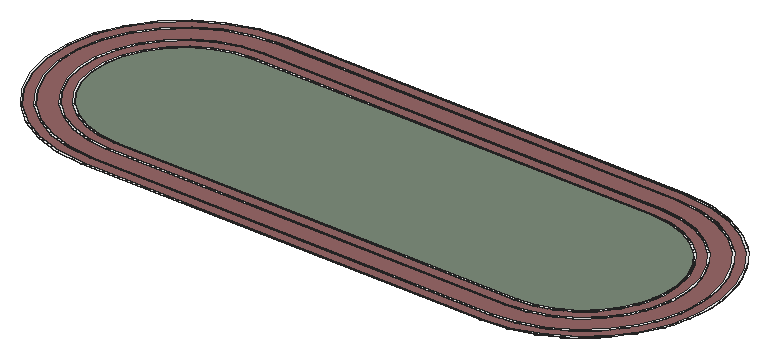
Revit family
Parameters (values of type "36000 x 84000 mm")
  Width = 36000 mm
  Track Width = 9000 mm
  Track Finish = Track
  Radius = 0 mm
  Markings Finish = Paint
  Length = 84000 mm
  Ground Finish = Ground
Reference planes
  plane 1 "Center (Front/Back)": y = 0
  plane 2: z = 0
  plane 3 "Center (Left/Right)": x = 0
  plane 4: y = 18000
  plane 5: y = -18000
  plane 6: x = -42000
  plane 7: x = 42000
  plane 8: y = 27000
  plane 9: y = -27000
Forms (mm)
  Extrusion 1, solid, material "Track" <- "Track Finish"
    sketch origin (0, 0, 0) x (1, 0, 0) y (0, 1, 0)
      loop
        arc (-42000, 18000) -> (-60000, 0) -> (-42000, -18000) r 18000
        line (-42000, -18000) -> (42000, -18000)
        arc (42000, -18000) -> (60000, 0) -> (42000, 18000) r 18000
        line (42000, 18000) -> (-42000, 18000)
      loop
        line (-42000, -27000) -> (42000, -27000)
        arc (42000, -27000) -> (69000, 0) -> (42000, 27000) r 27000
        line (42000, 27000) -> (-42000, 27000)
        arc (-42000, 27000) -> (-69000, 0) -> (-42000, -27000) r 27000
    from 0 to 4
  Extrusion 2, solid, material "Ground" <- "Ground Finish"
    sketch origin (0, 0, 0) x (1, 0, 0) y (0, 1, 0)
      loop
        line (-42000, -18000) -> (42000, -18000)
        arc (42000, -18000) -> (60000, 0) -> (42000, 18000) r 18000
        line (42000, 18000) -> (-42000, 18000)
        arc (-42000, 18000) -> (-60000, 0) -> (-42000, -18000) r 18000
    from 0 to 2
  Extrusion 3, solid, material "Paint" <- "Markings Finish"
    sketch origin (0, 0, 0) x (1, 0, 0) y (0, 1, 0)
      loop
        arc (-42000, 27000) -> (-69000, 0) -> (-42000, -27000) r 27000
        line (-42000, -27000) -> (42000, -27000)
        arc (42000, -27000) -> (69000, 0) -> (42000, 27000) r 27000
        line (42000, 27000) -> (-42000, 27000)
      loop
        arc (-42000, 26700) -> (-68700, 0) -> (-42000, -26700) r 26700
        line (-42000, -26700) -> (42000, -26700)
        arc (42000, -26700) -> (68700, 0) -> (42000, 26700) r 26700
        line (42000, 26700) -> (-42000, 26700)
      loop
        line (-42000, -18000) -> (42000, -18000)
        arc (42000, -18000) -> (60000, 0) -> (42000, 18000) r 18000
        line (42000, 18000) -> (-42000, 18000)
        arc (-42000, 18000) -> (-60000, 0) -> (-42000, -18000) r 18000
      loop
        line (-42000, -18300) -> (42000, -18300)
        arc (42000, -18300) -> (60300, 0) -> (42000, 18300) r 18300
        line (42000, 18300) -> (-42000, 18300)
        arc (-42000, 18300) -> (-60300, 0) -> (-42000, -18300) r 18300
      loop
        arc (-42000, 24700) -> (-66700, 0) -> (-42000, -24700) r 24700
        line (-42000, -24700) -> (42000, -24700)
        arc (42000, -24700) -> (66700, 0) -> (42000, 24700) r 24700
        line (42000, 24700) -> (-42000, 24700)
      loop
        arc (-42000, 24400) -> (-66400, 0) -> (-42000, -24400) r 24400
        line (-42000, -24400) -> (42000, -24400)
        arc (42000, -24400) -> (66400, 0) -> (42000, 24400) r 24400
        line (42000, 24400) -> (-42000, 24400)
      loop
        line (-42000, -20300) -> (42000, -20300)
        arc (42000, -20300) -> (62300, 0) -> (42000, 20300) r 20300
        line (42000, 20300) -> (-42000, 20300)
        arc (-42000, 20300) -> (-62300, 0) -> (-42000, -20300) r 20300
      loop
        line (-42000, -20600) -> (42000, -20600)
        arc (42000, -20600) -> (62600, 0) -> (42000, 20600) r 20600
        line (42000, 20600) -> (-42000, 20600)
        arc (-42000, 20600) -> (-62600, 0) -> (-42000, -20600) r 20600
    from 4 to 6
Lines and regions (mm)
  symbolic lines
    curve 1: arc (-42000, 27000, 0) -> (-69000, 0, 0) -> (-42000, -27000, 0) r 27000
    curve 2: arc (-42000, -18000, 0) -> (-60000, 0, 0) -> (-42000, 18000, 0) r 18000
    curve 3: line (-42000, 18000, 0) -> (42000, 18000, 0)
    curve 4: line (42000, 27000, 0) -> (-42000, 27000, 0)
    curve 5: arc (42000, 18000, 0) -> (60000, 0, 0) -> (42000, -18000, 0) r 18000
    curve 6: arc (42000, -27000, 0) -> (69000, 0, 0) -> (42000, 27000, 0) r 27000
    curve 7: line (42000, -18000, 0) -> (-42000, -18000, 0)
    curve 8: line (-42000, -27000, 0) -> (42000, -27000, 0)
Dimensions and locks
  equal spacing: plane 6, plane 3 "Center (Left/Right)", plane 7
  "Length": plane 6 to plane 7
  "Track Width": plane 4 to plane 8
  "Track Width": plane 9 to plane 5
  equal spacing: plane 5, plane 1 "Center (Front/Back)", plane 4
  "Width": plane 5 to plane 4
  aligned and locked: plane 6 to Extrusion 1 sketch curve  (x4)
  aligned and locked: plane 4 to Extrusion 1 sketch curve
  aligned and locked: plane 5 to Extrusion 1 sketch curve
  aligned and locked: plane 9 to Extrusion 1 sketch curve
  aligned and locked: plane 8 to Extrusion 1 sketch curve
  aligned and locked: Extrusion 2 sketch curve to Extrusion 1
  aligned and locked: Extrusion 3 sketch curve to Extrusion 1  (x2)
Automatic sketch dimensions
  Extrusion 1 sketch curve to plane 7 = 0 mm  (x2)
  curve 4 to plane 6 = 0 mm
  curve 2 to plane 1 "Center (Front/Back)" = 0 mm
  curve 2 to plane 6 = 0 mm
  curve 5 to plane 4 = 0 mm
  curve 5 to plane 7 = 0 mm
  curve 8 to plane 7 = 0 mm
  curve 6 to plane 9 = 0 mm
  curve 1 to plane 1 "Center (Front/Back)" = 0 mm
  Extrusion 2 sketch curve to plane 7 = 0 mm
  Extrusion 3 sketch curve to plane 6 = 0 mm  (x6)
  Extrusion 3 sketch curve to plane 7 = 0 mm  (x8)
  Extrusion 3 sketch curve to plane 1 "Center (Front/Back)" = 0 mm  (x6)
  Extrusion 3 sketch curve to Extrusion 3 sketch curve = 300 mm  (x3)
  plane 5 to Extrusion 3 sketch curve = 300 mm
  Extrusion 3 sketch curve to Extrusion 3 sketch curve = 2000 mm  (x2)
